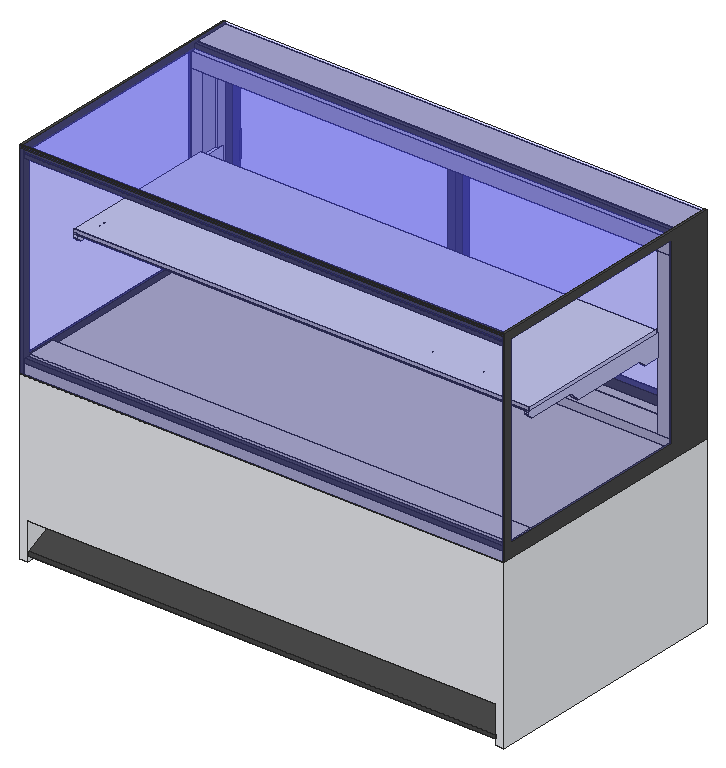
Revit family "Food-Service-Equipment_Oscartek_I3Dp1500-45H_cat", category Specialty Equipment, Revit 2026
Family settings
  Round Connector Dimension = Use Diameter
  Part Type = Normal
  Classification Number = 23.40.40.11
  Work Plane-Based = No
  Enable Cutting in Views = No
  Always vertical = Yes
  Cut with Voids When Loaded = No
  Maintain Annotation Orientation = No
  Shared = No
  Room Calculation Point = No
Parameters
  Width = 31.00"
  Weight in Pounds = 352
  Watts = 900 W
  Volts = 120 V
  URL Cutsheet = "www.oscartek.com"
  URL = "www.oscartek.com"
  Type Mark [instance] = ""
  Type Comments = "As Specified"
  Test Data = "http://www.oscartek.com/company/clients.php"
  Status [instance] = ""
  Specification by User [instance] = ""
  Specification by Manufacturer = ""
  Specification = "https://www.arcat.com/arcatcos/cos48/arc48760.html"
  Serial Number = ""
  Seismic Rating = ""
  Sales Information = "http://www.oscartek.com/company/contact.php"
  SMACNA No = ""
  Revision Code [instance] = ""
  Revision = "R1_2018-10"
  Product Data = "http://www.oscartek.com/support/manuals/"
  Phase = 1
  Omniclass Number and Title = ""
  Number of Poles [instance] = 1
  NAFEM Spec ID Number = ""
  Model = "I3DP1500 45H"
  Min Ckt Ampacity = 0 A
  Max Overcurrent Protection = 0 A
  Masterspec = ""
  Manufacturer Website = "http://www.oscartek.com/index.php"
  Manufacturer Phone - Toll Free = "855-885-2400"
  Manufacturer Phone = "650-342-2400"
  Manufacturer Fax = "650-342-7400"
  Manufacturer Address = "361 Beach Rd., Burlingame, CA 94010"
  Manufacturer = "OSCARTEK"
  Length = 59.00"
  Item Number [instance] = ""
  Installed By [instance] = ""
  Installation-Fabrication = "http://www.oscartek.com/support/manuals/"
  Identify Quantity as Lot [instance] = yes
  Height = 45.26"
  HP = ""
  Green Building-LEED = "https://www.arcat.com/green/green_building.shtml"
  Furnished By [instance] = ""
  Foodservice Equipment Identifier [instance] = yes
  FL Amps = 5.1 A
  Electrical Remarks [instance] = ""
  Electric Connection Type [instance] = ""
  Elec Conn RI Height [instance] = 0.00"
  Elec Conn Connection Height [instance] = 0.00"
  Drawn By = "Sumex Design, Inc. / Robert S. Weygant, CSI, CDT, SCIP"
  Description = "ITALIA 1 DELI/PASTRY SHOWCASES"
  Default Elevation = 0.00"
  Cycle = 60 Hz
  Copyright = "©Arcat Inc."
  Construction Details = "http://www.oscartek.com/support/manuals/"
  Conn Plug = ""
  Conn Conduit = yes
  Category = ""
  CSI MasterFormat = "11 41 33"
  CSI Master Format = "Foodservice Shelving"
  Building Codes = "https://www.arcat.com/arcatcos/cos48/arc48760.html"
  Apparent Power = if(Phase = 3, Volts * FL Amps * 1.73, Volts * FL Amps)  # 612 VA
Reference planes (in)
  plane 1 "BACK": y = 0
  plane 2: z = 0
  plane 3 "LEFT": x = 0
  plane 4 "RIGHT": x = 59
  plane 5 "FRONT": y = -31
  plane 6 "TOP": z = 45.26
  plane 7 "Center Y": x = 29.5
  plane 8 "Center X": y = -15.5
  plane 9: x = 58.01575
  plane 10: x = 0.24906
  plane 11: x = 58.75094
  plane 12: x = 0.98425
  plane 13: x = 57.25488
  plane 14: x = 1.74512
  plane 15: y = -24.91966
Forms (in)
  Extrusion 1, solid, material "QF_Finishes_White"
    sketch origin (24.82414, 0.85039, 0) x (0, 1, 0) y (-1, 0, 0)
      loop
        line (-0.85039, 24.82414) -> (-31.85039, 24.82414) -> (-31.85039, -34.17586) -> (-0.85039, -34.17586) -> (-0.85039, 24.82414)
      loop
        line (-1.04724, 23.89296) -> (-31.65354, 23.89296) -> (-31.65354, -33.1916) -> (-1.04724, -33.1916) -> (-1.04724, 23.89296)
    from 0 to 20.25347
  Extrusion 2, void
    sketch origin (24.82414, -25.6063, -0.59055) x (1, 0, 0) y (0, 0, 1)
      loop
        line (-23.89296, 0.59055) -> (33.1916, 0.59055) -> (33.1916, 5.11811) -> (-23.89296, 5.11811) -> (-23.89296, 0.59055)
    from 0 to 5.3937
  Extrusion 3, solid, material "QF_Finishes_Black"
    sketch origin (0.93118, 1.6491, 0) x (0, 1, 0) y (0, 0, 1)
      loop
        line (-26.45669, 13.62205) -> (-26.45669, 4.00773) -> (-32.58993, 1.14776) -> (-32.58993, 0.63501) -> (-32.11662, 0.63501) -> (-32.11662, 0.66626) -> (-32.55993, 0.66626) -> (-32.55993, 1.12865) -> (-26.45669, 3.97463) -> (-26.45669, 3.60894) -> (-26.06227, 3.60894) -> (-26.06227, 3.64019) -> (-26.42669, 3.64019) -> (-26.42669, 4.33862) -> (-1.98293, 4.33862) -> (-1.98293, 3.66811) -> (-2.31818, 3.66811) -> (-2.31818, 3.60894) -> (-1.84595, 3.60894) -> (-1.84595, 13.62205) -> (-26.45669, 13.62205)
    from 0 to 57.08457
  Extrusion 4, solid, material "QF_Finishes_Polished Steel"
    sketch origin (0.24906, 0, 0) x (0, 1, 0) y (0, 0, 1)
      loop
        line (-29.89562, 22.01653) -> (-29.89562, 21.42598) -> (-30.80315, 21.42598) -> (-30.80315, 13.62205) -> (-0.19685, 13.62205) -> (-0.19685, 20.79606) -> (0, 20.79606) -> (0, 21.42884) -> (-2.20733, 21.42884) -> (-2.20733, 22.44094) -> (-5.26803, 22.44094) -> (-5.26803, 21.42598) -> (-26.5036, 21.42598) -> (-26.5036, 22.01653) -> (-29.89562, 22.01653)
    from 0 to 58.50189
  Extrusion 5, solid, material "QF_Finishes_Black"
    sketch origin (0, 0, -0.59055) x (0, 1, 0) y (0, 0, 1)
      loop
        line (-30.80315, 45.85055) -> (-30.80315, 20.84402) -> (0, 20.84402) -> (0, 45.85055) -> (-30.80315, 45.85055)
      loop
        line (-29.89764, 44.90365) -> (-29.89764, 22.60708) -> (-5.26803, 22.60708) -> (-5.26803, 44.90365) -> (-29.89764, 44.90365)
    from 0.24906 to 0
  Extrusion 6, solid, material "QF_Finishes_Black"
    sketch origin (59, 0, 0) x (0, -1, 0) y (0, 0, 1)
      loop
        line (30.80315, 45.26) -> (0, 45.26) -> (0, 20.25347) -> (30.80315, 20.25347) -> (30.80315, 45.26)
      loop
        line (29.89764, 44.31309) -> (5.26803, 44.31309) -> (5.26803, 22.01653) -> (29.89764, 22.01653) -> (29.89764, 44.31309)
    from 0.24906 to 0
  Extrusion 7, solid, material "Glass"
    sketch origin (0, -31.07874, 0) x (1, 0, 0) y (0, 0, 1)
      loop
        line (0, 45.26) -> (0, 20.25347) -> (59, 20.25347) -> (59, 45.26) -> (0, 45.26)
    from -0.07874 to -0.27559
  Extrusion 8, solid, material "Glass"
    sketch origin (0, 0, 45.26) x (-1, 0, 0) y (0, -1, 0)
      loop
        line (-0.24906, 0) -> (-0.24906, 31) -> (-58.75094, 31) -> (-58.75094, 0) -> (-0.24906, 0)
    from 0 to -0.27559
  Extrusion 9, solid, material "QF_Finishes_Stainless Steel"
    sketch origin (1.23051, 0, -7.88961) x (0, 1, 0) y (0, 0, 1)
      loop
        line (0, 52.87402) -> (-4.30315, 52.87402) -> (-4.30315, 52.2027) -> (-5.26803, 52.2027) -> (-5.26803, 50.32132) -> (-2.20733, 50.32132) -> (-2.20733, 51.40597) -> (0, 51.40597) -> (0, 52.87402)
    from -0.98145 to 57.52044
  Extrusion 10, solid, material "QF_Finishes_Stainless Steel"
    sketch origin (24.85068, 0, 0) x (1, 0, 0) y (0, 0, 1)
      loop
        line (33.90026, 43.51637) -> (32.4042, 43.51637) -> (32.4042, 22.44094) -> (-23.10556, 22.44094) -> (-23.10556, 43.51637) -> (-24.60162, 43.51637) -> (-24.60162, 21.42884) -> (33.90026, 21.42884) -> (33.90026, 43.51637)
    from 0 to 2.20733
  Extrusion 11, solid, material "QF_Finishes_Black"
    sketch origin (24.85068, 0, 0) x (1, 0, 0) y (0, 0, 1)
      loop
        line (32.4042, 43.51637) -> (4.13751, 43.51637) -> (4.13751, 22.44094) -> (32.4042, 22.44094) -> (32.4042, 43.51637)
      loop
        line (5.16113, 23.46457) -> (31.38058, 23.46457) -> (31.38058, 42.49274) -> (5.16113, 42.49274) -> (5.16113, 23.46457)
    from 0 to 0.98425
  Extrusion 12, solid, material "QF_Finishes_Black"
    sketch origin (9.41761, 0, 0) x (1, 0, 0) y (0, 0, 1)
      loop
        line (20.5942, 43.51637) -> (-7.67249, 43.51637) -> (-7.67249, 22.44094) -> (20.5942, 22.44094) -> (20.5942, 43.51637)
      loop
        line (-6.64887, 23.46457) -> (19.57058, 23.46457) -> (19.57058, 42.49274) -> (-6.64887, 42.49274) -> (-6.64887, 23.46457)
    from 0.98425 to 1.9685
  Extrusion 13, solid, material "Glass"
    sketch origin (0, 0, 0) x (0, 1, 0) y (0, 0, 1)
      loop
        line (-29.89562, 44.31309) -> (-29.89562, 22.01653) -> (-5.26803, 22.01653) -> (-5.26803, 44.31309) -> (-29.89562, 44.31309)
    from 0 to 0.24906
  Extrusion 14, solid, material "Glass"
    sketch origin (59, 0, 0) x (0, -1, 0) y (0, 0, 1)
      loop
        line (29.89562, 44.31309) -> (5.26803, 44.31309) -> (5.26803, 21.42598) -> (29.89562, 21.42598) -> (29.89562, 44.31309)
    from 0 to 0.24906
  Extrusion 15, solid, material "Glass"
    sketch origin (0, -31.85039, 0) x (1, 0, 0) y (0, 0, 1)
      loop
        line (0, 44.98441) -> (0, 20.25347) -> (59, 20.25347) -> (59, 44.98441) -> (0, 44.98441)
    from -0.85039 to -1.04724
  Extrusion 16, solid, material "QF_Finishes_Stainless Steel"
    sketch origin (0, 0, -0.40771) x (1, 0, 0) y (0, 0, 1)
      loop
        line (58.75094, 42.83942) -> (57.25488, 42.83942) -> (57.25488, 22.84866) -> (58.75094, 22.84866) -> (58.75094, 42.83942)
      loop
        line (1.74512, 42.83942) -> (0.24906, 42.83942) -> (0.24906, 22.84866) -> (1.74512, 22.84866) -> (1.74512, 42.83942)
    from 1.9685 to 5.26803
  Extrusion 17, solid, material "QF_Finishes_Stainless Steel"
    sketch origin (1.74512, 0, 23.1356) x (0, 0, 1) y (0, -1, 0)
      loop
        line (-0.40517, 3.3117) -> (-0.40517, 2.24677) -> (19.11863, 2.24677) -> (19.11863, 3.3117) -> (19.03974, 3.39059) -> (-0.32628, 3.39059) -> (-0.40517, 3.3117)
      loop
        circle (-0.12907, 2.58203) r 0.07888
      loop
        circle (18.84253, 2.58203) r 0.07888
      loop
        line (16.13287, 2.64119) -> (16.13287, 2.52286) -> (17.00059, 2.52286) -> (17.00059, 2.64119) -> (16.13287, 2.64119)
      loop
        line (15.3243, 2.52286) -> (15.3243, 2.64119) -> (14.45658, 2.64119) -> (14.45658, 2.52286) -> (15.3243, 2.52286)
      loop
        line (13.64802, 2.64119) -> (12.78029, 2.64119) -> (12.78029, 2.52286) -> (13.64802, 2.52286) -> (13.64802, 2.64119)
      loop
        line (11.97173, 2.52286) -> (11.97173, 2.64119) -> (11.10401, 2.64119) -> (11.10401, 2.52286) -> (11.97173, 2.52286)
      loop
        line (10.29545, 2.52286) -> (10.29545, 2.64119) -> (9.42772, 2.64119) -> (9.42772, 2.52286) -> (10.29545, 2.52286)
      loop
        line (8.61916, 2.52286) -> (8.61916, 2.64119) -> (7.75144, 2.64119) -> (7.75144, 2.52286) -> (8.61916, 2.52286)
      loop
        line (6.94288, 2.52286) -> (6.94288, 2.64119) -> (6.07515, 2.64119) -> (6.07515, 2.52286) -> (6.94288, 2.52286)
      loop
        line (5.26659, 2.52286) -> (5.26659, 2.64119) -> (4.39887, 2.64119) -> (4.39887, 2.52286) -> (5.26659, 2.52286)
      loop
        line (2.72258, 2.52286) -> (3.59031, 2.52286) -> (3.59031, 2.64119) -> (2.72258, 2.64119) -> (2.72258, 2.52286)
    from 0 to 0.25
  Extrusion 18, solid, material "QF_Finishes_Stainless Steel"
    sketch origin (57.25488, 0, 42.43171) x (0, 0, -1) y (0, -1, 0)
      loop
        line (19.70128, 3.3117) -> (19.6224, 3.39059) -> (0.25637, 3.39059) -> (0.17749, 3.3117) -> (0.17749, 2.24677) -> (19.70128, 2.24677) -> (19.70128, 3.3117)
      loop
        circle (19.42519, 2.58203) r 0.07888
      loop
        circle (0.45358, 2.58203) r 0.07888
      loop
        line (3.16325, 2.64119) -> (2.29552, 2.64119) -> (2.29552, 2.52286) -> (3.16325, 2.52286) -> (3.16325, 2.64119)
      loop
        line (3.97181, 2.52286) -> (4.83953, 2.52286) -> (4.83953, 2.64119) -> (3.97181, 2.64119) -> (3.97181, 2.52286)
      loop
        line (5.6481, 2.64119) -> (5.6481, 2.52286) -> (6.51582, 2.52286) -> (6.51582, 2.64119) -> (5.6481, 2.64119)
      loop
        line (7.32438, 2.52286) -> (8.1921, 2.52286) -> (8.1921, 2.64119) -> (7.32438, 2.64119) -> (7.32438, 2.52286)
      loop
        line (9.00067, 2.52286) -> (9.86839, 2.52286) -> (9.86839, 2.64119) -> (9.00067, 2.64119) -> (9.00067, 2.52286)
      loop
        line (10.67695, 2.52286) -> (11.54468, 2.52286) -> (11.54468, 2.64119) -> (10.67695, 2.64119) -> (10.67695, 2.52286)
      loop
        line (12.35324, 2.52286) -> (13.22096, 2.52286) -> (13.22096, 2.64119) -> (12.35324, 2.64119) -> (12.35324, 2.52286)
      loop
        line (14.02952, 2.52286) -> (14.89725, 2.52286) -> (14.89725, 2.64119) -> (14.02952, 2.64119) -> (14.02952, 2.52286)
      loop
        line (16.57353, 2.52286) -> (16.57353, 2.64119) -> (15.70581, 2.64119) -> (15.70581, 2.52286) -> (16.57353, 2.52286)
    from 0 to 0.25
  Extrusion 19, solid, material "QF_Finishes_White"
    sketch origin (1.74512, 0, 23.1356) x (0, 0, 1) y (0, -1, 0)
      loop
        line (9.55559, 24.52524) -> (9.55559, 18.60894) -> (8.46502, 17.51837) -> (8.46502, 8.05228) -> (7.66238, 7.24964) -> (7.66238, 2.87048) -> (10.43712, 2.87048) -> (10.43712, 24.91966) -> (9.95001, 24.91966) -> (9.55559, 24.52524)
    from 0 to 0.5
  Extrusion 20, solid, material "QF_Finishes_White"
    sketch origin (57.25488, 0, 42.43171) x (0, 0, -1) y (0, -1, 0)
      loop
        line (9.74052, 24.52524) -> (9.3461, 24.91966) -> (8.85899, 24.91966) -> (8.85899, 2.87048) -> (11.63374, 2.87048) -> (11.63374, 7.24964) -> (10.83109, 8.05228) -> (10.83109, 17.51837) -> (9.74052, 18.60894) -> (9.74052, 24.52524)
    from 0 to 0.5
  Extrusion 21, solid, material "QF_Finishes_White"
    sketch origin (0, 0, 0) x (0, 1, 0) y (0, 0, 1)
      loop
        line (-24.87341, 33.96714) -> (-24.87341, 33.57272) -> (-5.62572, 33.57272) -> (-5.62572, 33.96714) -> (-24.87341, 33.96714)
    from 1.74512 to 57.25488
  Extrusion 22, solid, material "QF_Finishes_Stainless Steel"
    sketch origin (0, 0, 0) x (0, 1, 0) y (0, 0, 1)
      loop
        line (-25.01235, 34.04602) -> (-25.01235, 33.60625)
        arc (-25.01235, 33.60625) -> (-24.9852, 33.5407) -> (-24.91966, 33.51354) r 0.09271
        line (-24.91966, 33.51354) -> (-24.91966, 33.57272)
        arc (-24.91966, 33.57272) -> (-24.94337, 33.58254) -> (-24.95318, 33.60625) r 0.03353
        line (-24.95318, 33.60625) -> (-24.95318, 34.04602) -> (-25.01235, 34.04602)
    from 1.74512 to 57.25488
  Extrusion 23, solid, material "QF_Finishes_Stainless Steel"
    sketch origin (0, 0, 0) x (0, 1, 0) y (0, 0, 1)
      loop
        arc (-21.83582, 33.57272) -> (-21.86411, 33.561) -> (-21.87582, 33.53272) r 0.04
        line (-21.87582, 33.53272) -> (-21.87582, 33.1783)
        arc (-21.87582, 33.1783) -> (-21.84427, 33.14675) -> (-21.81272, 33.1783) r 0.03155
        line (-21.81272, 33.1783) -> (-21.81272, 33.45439) -> (-21.84821, 33.45439) -> (-21.84821, 33.54511) -> (-21.11459, 33.54511) -> (-21.11459, 33.45439) -> (-21.15009, 33.45439) -> (-21.15009, 33.1783)
        arc (-21.15009, 33.1783) -> (-21.11854, 33.14675) -> (-21.08698, 33.1783) r 0.03155
        line (-21.08698, 33.1783) -> (-21.08698, 33.53722)
        arc (-21.08698, 33.53722) -> (-21.09738, 33.56232) -> (-21.12248, 33.57272) r 0.0355
        line (-21.12248, 33.57272) -> (-21.83582, 33.57272)
    from 2.24512 to 56.75488
  Extrusion 24, solid, material "QF_Finishes_Stainless Steel"
    sketch origin (0, 0, 0) x (1, 0, 0) y (0, 0, -1)
      loop
        line (7.37747, -10.9695) -> (7.37747, -11.91053) -> (9.46033, -11.91053) -> (9.46033, -10.9695) -> (7.37747, -10.9695)
      loop
        line (7.23572, -11.91053) -> (7.23572, -11.50104) -> (6.70812, -11.50104) -> (6.70812, -11.91053) -> (7.23572, -11.91053)
      loop
        line (6.70812, -11.39665) -> (7.23572, -11.39665) -> (7.23572, -10.9695) -> (6.70812, -10.9695) -> (6.70812, -11.39665)
      loop
        line (6.62543, -11.91053) -> (6.62543, -11.50104) -> (6.09782, -11.50104) -> (6.09782, -11.91053) -> (6.62543, -11.91053)
      loop
        line (6.09782, -11.39665) -> (6.62543, -11.39665) -> (6.62543, -10.9695) -> (6.09782, -10.9695) -> (6.09782, -11.39665)
      loop
        line (6.01514, -11.91053) -> (6.01514, -11.50104) -> (5.48753, -11.50104) -> (5.48753, -11.91053) -> (6.01514, -11.91053)
      loop
        line (5.48753, -11.39665) -> (6.01514, -11.39665) -> (6.01514, -10.9695) -> (5.48753, -10.9695) -> (5.48753, -11.39665)
      loop
        line (5.40485, -11.91053) -> (5.40485, -11.50104) -> (4.87724, -11.50104) -> (4.87724, -11.91053) -> (5.40485, -11.91053)
      loop
        line (4.87724, -11.39665) -> (5.40485, -11.39665) -> (5.40485, -10.9695) -> (4.87724, -10.9695) -> (4.87724, -11.39665)
    from 0 to 0.06
  Extrusion 25, solid, material "QF_Finishes_Black"
    sketch origin (3.36568, 0, 0) x (1, 0, 0) y (0, 0, -1)
      loop
        line (36.38432, -12.77675) -> (36.38432, -2.04744) -> (35.38432, -2.04744) -> (35.38432, -12.77675) -> (36.38432, -12.77675)
      loop
        line (35.16557, -12.77675) -> (35.16557, -2.04744) -> (34.16557, -2.04744) -> (34.16557, -12.77675) -> (35.16557, -12.77675)
      loop
        line (33.94682, -12.77675) -> (33.94682, -2.04744) -> (32.94682, -2.04744) -> (32.94682, -12.77675) -> (33.94682, -12.77675)
      loop
        line (32.72807, -12.77675) -> (32.72807, -2.04744) -> (31.72807, -2.04744) -> (31.72807, -12.77675) -> (32.72807, -12.77675)
      loop
        line (31.50932, -12.77675) -> (31.50932, -2.04744) -> (30.50932, -2.04744) -> (30.50932, -12.77675) -> (31.50932, -12.77675)
      loop
        line (30.29057, -12.77675) -> (30.29057, -2.04744) -> (29.29057, -2.04744) -> (29.29057, -12.77675) -> (30.29057, -12.77675)
      loop
        line (29.07182, -12.77675) -> (29.07182, -2.04744) -> (28.07182, -2.04744) -> (28.07182, -12.77675) -> (29.07182, -12.77675)
      loop
        line (27.85307, -12.77675) -> (27.85307, -2.04744) -> (26.85307, -2.04744) -> (26.85307, -12.77675) -> (27.85307, -12.77675)
      loop
        line (25.63432, -12.77675) -> (26.63432, -12.77675) -> (26.63432, -2.04744) -> (25.63432, -2.04744) -> (25.63432, -12.77675)
      loop
        line (15.88432, -12.77675) -> (16.88432, -12.77675) -> (16.88432, -2.04744) -> (15.88432, -2.04744) -> (15.88432, -12.77675)
      loop
        line (17.10307, -12.77675) -> (18.10307, -12.77675) -> (18.10307, -2.04744) -> (17.10307, -2.04744) -> (17.10307, -12.77675)
      loop
        line (18.32182, -12.77675) -> (19.32182, -12.77675) -> (19.32182, -2.04744) -> (18.32182, -2.04744) -> (18.32182, -12.77675)
      loop
        line (19.54057, -12.77675) -> (20.54057, -12.77675) -> (20.54057, -2.04744) -> (19.54057, -2.04744) -> (19.54057, -12.77675)
      loop
        line (20.75932, -12.77675) -> (21.75932, -12.77675) -> (21.75932, -2.04744) -> (20.75932, -2.04744) -> (20.75932, -12.77675)
      loop
        line (21.97807, -12.77675) -> (22.97807, -12.77675) -> (22.97807, -2.04744) -> (21.97807, -2.04744) -> (21.97807, -12.77675)
      loop
        line (23.19682, -12.77675) -> (24.19682, -12.77675) -> (24.19682, -2.04744) -> (23.19682, -2.04744) -> (23.19682, -12.77675)
      loop
        line (24.41557, -12.77675) -> (25.41557, -12.77675) -> (25.41557, -2.04744) -> (24.41557, -2.04744) -> (24.41557, -12.77675)
    from 0 to 0.0625
  Extrusion 26, solid, material "QF_Finishes_Black"
    sketch origin (0.24906, -180, 45.26) x (0, 0, -1) y (0, -1, 0)
      loop
        line (0.27559, -149.19685) -> (0.27559, -149.69685) -> (0.77559, -149.69685) -> (0.77559, -149.19685) -> (0.27559, -149.19685)
      loop
        line (0.94691, -149.19685) -> (0.94691, -150.10236) -> (1.44691, -150.10236) -> (1.44691, -149.19685) -> (0.94691, -149.19685)
      loop
        line (0.27559, -175.19685) -> (0.27559, -175.69685) -> (0.77559, -175.69685) -> (0.77559, -175.19685) -> (0.27559, -175.19685)
      loop
        line (23.33402, -149.19685) -> (23.33402, -149.69685) -> (23.83402, -149.69685) -> (23.83402, -149.19685) -> (23.33402, -149.19685)
    from 0 to -58.50189
  Extrusion 27, solid, material "Glass"
    sketch origin (0.24906, -180, 45.26) x (0, 0, -1) y (0, -1, 0)
      loop
        line (0.77559, -149.19685) -> (0.77559, -175.69685) -> (0.94691, -175.69685) -> (0.94691, -149.19685) -> (0.77559, -149.19685)
    from 0 to -58.50189
  Extrusion 28, solid, material "QF_Finishes_Black"
    sketch origin (24.85068, 0, 0) x (-1, 0, 0) y (0, 0, 1)
      loop
        line (-31.38058, 34.74553) -> (-31.88058, 34.74553) -> (-31.88058, 31.439) -> (-31.38058, 31.439) -> (-31.38058, 34.74553)
    from 0 to 0.22
  Extrusion 29, solid, material "QF_Finishes_Black"
    sketch origin (-32.73491, -0.98425, 0) x (-1, 0, 0) y (0, 0, 1)
      loop
        line (-35.00365, 34.74553) -> (-35.50365, 34.74553) -> (-35.50365, 31.439) -> (-35.00365, 31.439) -> (-35.00365, 34.74553)
    from 0 to 0.22
  Extrusion 30, solid, material "Glass"
    sketch origin (24.85068, 0, 0) x (-1, 0, 0) y (0, 0, 1)
      loop
        line (-31.38058, 42.49274) -> (-31.38058, 23.46457) -> (-5.16113, 23.46457) -> (-5.16113, 42.49274) -> (-31.38058, 42.49274)
    from 0 to -0.98425
  Extrusion 31, solid, material "Glass"
    sketch origin (9.41761, -0.98425, 0) x (-1, 0, 0) y (0, 0, 1)
      loop
        line (6.64887, 23.46457) -> (6.64887, 42.49274) -> (-19.57058, 42.49274) -> (-19.57058, 23.46457) -> (6.64887, 23.46457)
    from 0 to -0.98425
Cuts and joins
  Extrusion 2 cuts Extrusion 1
  joined: Extrusion 5, Extrusion 6
Lines and regions (in)
  symbolic lines
    curve 1: line (0, -31, 0) -> (59, -31, 0)
    curve 2: line (0, 0, 0) -> (0, -31, 0)
    curve 3: line (59, 0, 0) -> (0, 0, 0)
    curve 4: line (59, -31, 0) -> (59, 0, 0)
    curve 5: line (1.74512, -29.89764, 0) -> (57.25488, -29.89764, 0)
    curve 6: line (1.74512, -5.43307, 0) -> (1.74512, -29.89764, 0)
    curve 7: line (57.25488, -5.43307, 0) -> (1.74512, -5.43307, 0)
    curve 8: line (57.25488, -29.89764, 0) -> (57.25488, -5.43307, 0)
    curve 9: line (1.74512, -24.91966, 0) -> (57.25488, -24.91966, 0)
  symbolic lines, style "QF_Surface Details"
    curve 10: line (5.69937, -10.51527, 0) -> (8.5278, -7.68684, 0)
    curve 11: line (7.64391, -12.45981, 0) -> (10.47234, -9.63138, 0)
    curve 12: line (5.69937, -12.63659, 0) -> (10.64912, -7.68684, 0)
    curve 13: line (5.69937, -20.58219, 0) -> (8.5278, -17.75377, 0)
    curve 14: line (7.64391, -22.52674, 0) -> (10.47234, -19.69831, 0)
    curve 15: line (5.69937, -22.70351, 0) -> (10.64912, -17.75377, 0)
    curve 16: line (48.40473, -10.51527, 0) -> (51.23315, -7.68684, 0)
    curve 17: line (50.34927, -12.45981, 0) -> (53.1777, -9.63138, 0)
    curve 18: line (48.40473, -12.63659, 0) -> (53.35447, -7.68684, 0)
    curve 19: line (48.40473, -20.58219, 0) -> (51.23315, -17.75377, 0)
    curve 20: line (50.34927, -22.52674, 0) -> (53.1777, -19.69831, 0)
    curve 21: line (48.40473, -22.70351, 0) -> (53.35447, -17.75377, 0)
    curve 22: line (27.02513, -10.51527, 0) -> (29.85355, -7.68684, 0)
    curve 23: line (28.96967, -12.45981, 0) -> (31.7981, -9.63138, 0)
    curve 24: line (27.02513, -12.63659, 0) -> (31.97487, -7.68684, 0)
    curve 25: line (27.02513, -20.58219, 0) -> (29.85355, -17.75377, 0)
    curve 26: line (28.96967, -22.52674, 0) -> (31.7981, -19.69831, 0)
    curve 27: line (27.02513, -22.70351, 0) -> (31.97487, -17.75377, 0)
Dimensions and locks (in)
  equal spacing: plane 3 "LEFT", plane 7 "Center Y", plane 4 "RIGHT"
  "Length": plane 3 "LEFT" to plane 4 "RIGHT"
  equal spacing: plane 5 "FRONT", plane 8 "Center X", plane 1 "BACK"
  "Width": plane 5 "FRONT" to plane 1 "BACK"
  "Height": plane 6 "TOP" to level
  locked: plane 9 to plane 4 "RIGHT" at 0.98425
  locked: plane 4 "RIGHT" to Extrusion 4 at 0.24906
  locked: Extrusion 4 to plane 3 "LEFT" at 0.24906
  plane 6 "TOP" to Extrusion 5 sketch curve = 0.94691"
  locked: plane 6 "TOP" to Extrusion 6 sketch curve at 0.94691
  locked: plane 4 "RIGHT" to nested 1 at 4.77996
  locked: plane 3 "LEFT" to Extrusion 8 sketch curve at 0.24906
  locked: Extrusion 8 sketch curve to plane 4 "RIGHT" at 0.24906
  locked: plane 4 "RIGHT" to plane 11 at 0.24906
  locked: plane 10 to plane 3 "LEFT" at 0.24906
  Extrusion 11 sketch curve to Extrusion 11 sketch curve to plane 6 "TOP" = 1.02362" locked, 1.74363" locked
  plane 4 "RIGHT" to Extrusion 11 sketch curve to Extrusion 11 sketch curve = 1.74512", 1.02362" locked
  level to Extrusion 11 sketch curve to Extrusion 11 sketch curve = 22.44094" locked, 1.02362" locked
  Extrusion 12 sketch curve to Extrusion 12 sketch curve to plane 6 "TOP" = 1.02362" locked, 1.74363" locked
  level to Extrusion 12 sketch curve to Extrusion 12 sketch curve = 22.44094" locked, 1.02362" locked
  plane 3 "LEFT" to Extrusion 12 sketch curve to Extrusion 12 sketch curve = 1.74512" locked, 1.02362" locked
  Extrusion 12 sketch curve to plane 7 "Center Y" to Extrusion 12 sketch curve = 0.51181" locked, 0.51181" locked
  plane 6 "TOP" to Extrusion 9 sketch curve to Extrusion 9 sketch curve to Extrusion 9 sketch curve = 0.27559" locked, 1.46804" locked, 1.08466" locked
  Extrusion 11 sketch curve to plane 7 "Center Y" to Extrusion 11 sketch curve = 0.51181" locked, 0.51181" locked
  locked: plane 6 "TOP" to Extrusion 13 sketch curve at 0.94691
  locked: plane 6 "TOP" to Extrusion 14 sketch curve at 0.94691
  locked: plane 6 "TOP" to Extrusion 15 sketch curve at 0.27559
  locked: Extrusion 15 sketch curve to plane 3 "LEFT"
  locked: Extrusion 15 sketch curve to plane 4 "RIGHT"
  locked: Extrusion 10 sketch curve to plane 6 "TOP" at 1.74363  (x2)
  locked: plane 6 "TOP" to Extrusion 16 sketch curve at 2.82829  (x2)
  plane 2 to Extrusion 10 sketch curve to Extrusion 10 sketch curve = 21.42884" locked, 1.0121" locked
  locked: level to Extrusion 16 sketch curve at 22.44094  (x2)
  locked: plane 12 to plane 3 "LEFT" at 0.98425
  locked: plane 4 "RIGHT" to Extrusion 23 at 2.24512
  locked: Extrusion 23 to plane 3 "LEFT" at 2.24512
  locked: plane 13 to plane 4 "RIGHT" at 1.74512
  locked: plane 14 to plane 3 "LEFT" at 1.74512
  Extrusion 20 sketch curve to Extrusion 20 sketch curve to Extrusion 20 sketch curve to Extrusion 20 sketch curve to level = 0.88153" locked, 1.09057" locked, 0.80264" locked, 30.79797" locked
  Extrusion 19 sketch curve to Extrusion 19 sketch curve to Extrusion 19 sketch curve to Extrusion 19 sketch curve to level = 0.88153" locked, 1.09057" locked, 0.80264" locked, 30.79797" locked
  level to Extrusion 21 sketch curve to Extrusion 21 sketch curve = 33.57272" locked, 0.39442" locked
  level to Extrusion 22 sketch curve to Extrusion 22 sketch curve to Extrusion 22 sketch curve = 33.51354" locked, 0.05918" locked, 0.4733" locked
  level to Extrusion 23 sketch curve to Extrusion 23 sketch curve to Extrusion 23 sketch curve to Extrusion 23 sketch curve to Extrusion 23 sketch curve to Extrusion 23 sketch curve = 33.1783" locked, 0.00" locked, 0.27609" locked, 0.00" locked, 0.09072" locked, 0.02761" locked
  aligned and locked: level to plane 2
  aligned and locked: Extrusion 3 to plane 9
  aligned and locked: Extrusion 5 sketch curve to plane 6 "TOP"
  aligned and locked: Extrusion 6 sketch curve to plane 6 "TOP"
  aligned and locked: nested 2 to nested 1
  aligned and locked: plane 10 to Extrusion 9
  aligned and locked: plane 11 to Extrusion 9
  aligned and locked: Extrusion 22 to plane 13
  aligned and locked: Extrusion 21 to plane 13
  aligned and locked: Extrusion 22 to plane 14
  aligned and locked: Extrusion 21 to plane 14
  aligned and locked: plane 3 "LEFT" to Extrusion 7 sketch curve
  aligned and locked: plane 4 "RIGHT" to Extrusion 7 sketch curve
  aligned and locked: plane 11 to Extrusion 26
  aligned and locked: plane 11 to Extrusion 27
Automatic sketch dimensions
  Extrusion 3 sketch curve to plane 5 "FRONT" = 0.05917"
  Extrusion 3 sketch curve to Extrusion 3 sketch curve = 0.03"  (x2)
  Extrusion 3 sketch curve to Extrusion 3 sketch curve = 0.4433"
  Extrusion 3 sketch curve to plane 15 = 0.11206"
  Extrusion 3 sketch curve to Extrusion 3 sketch curve = 0.00"
  Extrusion 3 sketch curve to Extrusion 3 sketch curve = 0.36442"
  plane 1 "BACK" to Extrusion 3 sketch curve = 0.66909"
  plane 1 "BACK" to Extrusion 3 sketch curve = 0.33383"
  plane 1 "BACK" to Extrusion 3 sketch curve = 0.19685"
  level to Extrusion 3 sketch curve = 0.63501"
  Extrusion 3 sketch curve to Extrusion 3 sketch curve = 0.03125"  (x2)
  Extrusion 3 sketch curve to Extrusion 3 sketch curve = 0.46238"
  Extrusion 3 sketch curve to Extrusion 3 sketch curve = 0.01911"
  level to Extrusion 3 sketch curve = 3.60894"  (x2)
  Extrusion 3 sketch curve to Extrusion 3 sketch curve = 0.05916"
  Extrusion 3 sketch curve to Extrusion 3 sketch curve = 0.33444"
  Extrusion 3 sketch curve to Extrusion 3 sketch curve = 0.0331"
  Extrusion 3 sketch curve to Extrusion 3 sketch curve = 0.33089"
  Extrusion 3 sketch curve to Extrusion 3 sketch curve = 9.28343"
  Extrusion 4 sketch curve to plane 1 "BACK" = 0.00"
  plane 1 "BACK" to Extrusion 4 sketch curve = 0.19685"
  plane 1 "BACK" to Extrusion 4 sketch curve = 2.20733"
  Extrusion 4 sketch curve to Extrusion 4 sketch curve = 3.0607"
  plane 15 to Extrusion 4 sketch curve = 1.58394"
  Extrusion 4 sketch curve to plane 5 "FRONT" = 1.10438"
  Extrusion 4 sketch curve to plane 5 "FRONT" = 0.19685"
  level to Extrusion 4 sketch curve = 13.62205"
  Extrusion 4 sketch curve to Extrusion 4 sketch curve = 7.17401"
  Extrusion 4 sketch curve to Extrusion 4 sketch curve = 7.80393"
  Extrusion 4 sketch curve to Extrusion 4 sketch curve = 0.62992"
  Extrusion 4 sketch curve to Extrusion 4 sketch curve = 0.63279"
  Extrusion 4 sketch curve to Extrusion 4 sketch curve = 0.59055"
  Extrusion 4 sketch curve to Extrusion 4 sketch curve = 1.0121"
  Extrusion 5 sketch curve to plane 1 "BACK" = 0.00"
  plane 1 "BACK" to Extrusion 5 sketch curve = 5.26803"
  Extrusion 5 sketch curve to plane 5 "FRONT" = 1.10236"
  Extrusion 5 sketch curve to plane 5 "FRONT" = 0.19685"
  level to Extrusion 5 sketch curve = 22.01653"
  Extrusion 5 sketch curve to Extrusion 5 sketch curve = 1.76306"
  Extrusion 6 sketch curve to plane 1 "BACK" = 0.00"
  plane 1 "BACK" to Extrusion 6 sketch curve = 5.26803"
  Extrusion 6 sketch curve to plane 5 "FRONT" = 1.10236"
  Extrusion 6 sketch curve to plane 5 "FRONT" = 0.19685"
  level to Extrusion 6 sketch curve = 22.01653"
  Extrusion 6 sketch curve to Extrusion 6 sketch curve = 1.76306"
  Extrusion 7 sketch curve to plane 6 "TOP" = 0.00"
  level to Extrusion 7 sketch curve = 20.25347"
  plane 1 "BACK" to Extrusion 8 sketch curve = 0.00"
  plane 5 "FRONT" to Extrusion 8 sketch curve = 0.00"
  Extrusion 9 sketch curve to plane 1 "BACK" = 0.00"
  plane 1 "BACK" to Extrusion 9 sketch curve = 2.20733"
  Extrusion 9 sketch curve to Extrusion 9 sketch curve = 2.09582"
  Extrusion 9 sketch curve to Extrusion 9 sketch curve = 0.96488"
  Extrusion 9 sketch curve to Extrusion 9 sketch curve = 0.67132"
  Extrusion 13 sketch curve to plane 5 "FRONT" = 1.10438"
  plane 1 "BACK" to Extrusion 13 sketch curve = 5.26803"
  level to Extrusion 13 sketch curve = 22.01653"
  plane 1 "BACK" to Extrusion 14 sketch curve = 5.26803"
  Extrusion 14 sketch curve to plane 5 "FRONT" = 1.10438"
  level to Extrusion 14 sketch curve = 21.42598"
  level to Extrusion 15 sketch curve = 20.25347"
  Extrusion 21 sketch curve to plane 15 = 0.04624"
  plane 1 "BACK" to Extrusion 21 sketch curve = 5.62572"
  Extrusion 22 sketch curve to plane 15 = 0.00"
  plane 15 to Extrusion 22 sketch curve = 0.03353"
  Extrusion 22 sketch curve to Extrusion 22 sketch curve = 0.05916"
  Extrusion 22 sketch curve to Extrusion 22 sketch curve = 0.00002"
  Extrusion 23 sketch curve to plane 15 = 3.04384"
  Extrusion 23 sketch curve to Extrusion 23 sketch curve = 0.02761"  (x2)
  Extrusion 23 sketch curve to Extrusion 23 sketch curve = 0.03155"  (x2)
  Extrusion 23 sketch curve to Extrusion 23 sketch curve = 0.01239"
  Extrusion 23 sketch curve to Extrusion 23 sketch curve = 0.66263"
  Extrusion 23 sketch curve to Extrusion 23 sketch curve = 0.0355"
  Extrusion 26 sketch curve to plane 6 "TOP" = 0.27559"  (x2)
  Extrusion 26 sketch curve to Extrusion 26 sketch curve = 0.50"  (x7)
  Extrusion 26 sketch curve to plane 5 "FRONT" = 0.19685"  (x3)
  Extrusion 26 sketch curve to Extrusion 26 sketch curve = 0.17132"
  Extrusion 26 sketch curve to Extrusion 26 sketch curve = 21.88712"
  Extrusion 26 sketch curve to Extrusion 26 sketch curve = 0.40551"
  plane 1 "BACK" to Extrusion 26 sketch curve = 4.80315"
  Extrusion 27 sketch curve to plane 6 "TOP" = 0.77559"
  Extrusion 27 sketch curve to Extrusion 27 sketch curve = 0.17132"
  plane 1 "BACK" to Extrusion 27 sketch curve = 4.30315"
  Extrusion 27 sketch curve to plane 5 "FRONT" = 0.19685"
  Extrusion 12 to Extrusion 29 sketch curve = 27.74307"
  Extrusion 29 sketch curve to Extrusion 29 sketch curve = 0.50"
  Extrusion 29 sketch curve to Extrusion 12 = 7.97443"
  Extrusion 29 sketch curve to Extrusion 29 sketch curve = 3.30653"
  plane 1 "BACK" to curve 3 = 0.00"
  curve 3 to plane 3 "LEFT" = 0.00"
  curve 9 to plane 14 = 0.00"
  curve 9 to plane 13 = 0.00"
  curve 4 to plane 4 "RIGHT" = 0.00"
  plane 5 "FRONT" to curve 1 = 0.00"
  plane 15 to curve 9 = 0.00"
  plane 14 to curve 15 = 3.95425"
  curve 13 to curve 15 = 0.00"
  plane 14 to curve 12 = 3.95425"
  curve 10 to curve 12 = 0.00"  (x2)
  curve 14 to plane 15 = 2.39292"
  curve 15 to curve 14 = 1.94454"
  curve 12 to curve 11 = 1.94454"
  curve 10 to curve 10 = 2.82843"
  curve 13 to plane 8 "Center X" = 2.25377"
  curve 13 to curve 13 = 2.82843"
  curve 14 to plane 8 "Center X" = 4.19831"
  curve 13 to curve 14 = 1.94454"
  curve 10 to curve 11 = 1.94454"
  curve 15 to plane 8 "Center X" = 2.25377"
  curve 14 to curve 15 = 0.17678"
  curve 11 to curve 12 = 0.17678"
  curve 24 to plane 7 "Center Y" = 2.47487"
  curve 27 to plane 7 "Center Y" = 2.47487"
  curve 22 to curve 24 = 0.00"
  curve 25 to curve 27 = 0.00"
  curve 23 to plane 7 "Center Y" = 0.53033"
  curve 26 to plane 7 "Center Y" = 0.53033"
  plane 7 "Center Y" to curve 22 = 0.35355"
  plane 7 "Center Y" to curve 25 = 0.35355"
  plane 7 "Center Y" to curve 26 = 2.2981"
  plane 7 "Center Y" to curve 23 = 2.2981"
  curve 23 to curve 24 = 0.17678"
  curve 26 to curve 27 = 0.17678"
  plane 13 to curve 16 = 8.85016"
  plane 8 "Center X" to curve 18 = 2.86341"
  curve 18 to curve 16 = 0.00"
  curve 21 to plane 15 = 2.21614"
  plane 13 to curve 21 = 8.85016"
  curve 19 to plane 15 = 4.33746"
  curve 19 to curve 21 = 0.00"
  curve 20 to plane 15 = 2.39292"
  curve 21 to curve 20 = 1.94454"
  plane 8 "Center X" to curve 17 = 3.04019"
  curve 18 to curve 17 = 1.94454"
  curve 16 to curve 16 = 2.82843"
  curve 19 to plane 8 "Center X" = 2.25377"
  curve 19 to curve 19 = 2.82843"
  curve 16 to curve 17 = 1.94454"
  curve 19 to curve 20 = 1.94454"
  curve 20 to curve 21 = 0.17678"
  curve 17 to curve 18 = 0.17678"
  curve 5 to plane 5 "FRONT" = 1.10236"
  curve 27 to plane 15 = 2.21614"
  curve 15 to curve 14 = 0.17678"
  curve 27 to curve 26 = 0.17678"
  curve 27 to curve 25 = 2.12132"
  curve 15 to curve 13 = 2.12132"
  curve 26 to curve 26 = 2.82843"
  curve 20 to curve 19 = 1.94454"
  curve 25 to plane 8 "Center X" = 2.25377"
  curve 20 to curve 21 = 1.94454"
  curve 26 to curve 27 = 1.94454"
  plane 8 "Center X" to curve 12 = 2.86341"
  plane 8 "Center X" to curve 24 = 2.86341"
  curve 24 to curve 23 = 0.17678"
  curve 12 to curve 11 = 0.17678"
  curve 18 to curve 16 = 2.12132"
  curve 12 to curve 10 = 2.12132"
  curve 24 to curve 22 = 2.12132"
  curve 17 to curve 17 = 2.82843"
  curve 23 to curve 23 = 2.82843"
  curve 11 to curve 11 = 2.82843"
  curve 11 to curve 12 = 1.94454"
  curve 17 to curve 16 = 1.94454"
  curve 23 to curve 22 = 1.94454"
  curve 17 to curve 18 = 1.94454"
  curve 23 to curve 24 = 1.94454"
  curve 18 to curve 7 = 2.25377"
  Extrusion 1 sketch curve to plane 4 "RIGHT" = 0.00"
  plane 5 "FRONT" to Extrusion 1 sketch curve = 0.00"
  Extrusion 1 sketch curve to plane 9 = 0.00"
  plane 1 "BACK" to Extrusion 1 sketch curve = 0.00"
  Extrusion 1 sketch curve to plane 3 "LEFT" = 0.00"
  Extrusion 1 sketch curve to plane 12 = 0.05307"
  Extrusion 1 sketch curve to plane 5 "FRONT" = 0.19685"
  plane 1 "BACK" to Extrusion 1 sketch curve = 0.19685"
  Extrusion 2 sketch curve to level = 0.00"
  plane 9 to Extrusion 2 sketch curve = 0.00"
  Extrusion 2 sketch curve to plane 12 = 0.05307"
  level to Extrusion 2 sketch curve = 4.52756"
  plane 10 to Extrusion 10 sketch curve = 0.00"
  Extrusion 10 sketch curve to plane 14 = 0.00"
  plane 13 to Extrusion 10 sketch curve = 0.00"
  Extrusion 10 sketch curve to plane 11 = 0.00"
  plane 10 to Extrusion 16 sketch curve = 0.00"
  Extrusion 16 sketch curve to plane 14 = 0.00"
  plane 13 to Extrusion 16 sketch curve = 0.00"
  Extrusion 16 sketch curve to plane 11 = 0.00"
  Extrusion 16 to Extrusion 17 sketch curve = 0.28948"
  Extrusion 17 sketch curve to Extrusion 17 sketch curve = 0.07888"  (x2)
  Extrusion 17 sketch curve to Extrusion 17 sketch curve = 0.27609"
  Extrusion 16 to Extrusion 17 sketch curve = 0.55436"  (x9)
  Extrusion 17 sketch curve to Extrusion 17 sketch curve = 2.85166"
  Extrusion 17 sketch curve to Extrusion 17 sketch curve = 0.86772"  (x9)
  Extrusion 17 sketch curve to Extrusion 17 sketch curve = 0.80856"  (x8)
  Extrusion 17 sketch curve to Extrusion 16 = 0.45358"
  Extrusion 17 sketch curve to Extrusion 16 = 0.25637"
  Extrusion 17 sketch curve to Extrusion 16 = 0.17749"
  Extrusion 16 to Extrusion 17 sketch curve = 0.27827"
  Extrusion 17 sketch curve to Extrusion 17 sketch curve = 0.33526"  (x2)
  Extrusion 17 sketch curve to Extrusion 17 sketch curve = 0.11833"  (x9)
  Extrusion 17 sketch curve to Extrusion 17 sketch curve = 0.72968"  (x2)
  Extrusion 18 sketch curve to Extrusion 16 = 0.17749"
  Extrusion 18 sketch curve to Extrusion 18 sketch curve = 0.07888"  (x2)
  Extrusion 18 sketch curve to Extrusion 18 sketch curve = 0.27609"
  Extrusion 16 to Extrusion 18 sketch curve = 0.67269"  (x7)
  Extrusion 18 sketch curve to Extrusion 18 sketch curve = 1.84194"
  Extrusion 18 sketch curve to Extrusion 18 sketch curve = 0.86772"  (x9)
  Extrusion 18 sketch curve to Extrusion 18 sketch curve = 0.80856"  (x8)
  Extrusion 18 sketch curve to Extrusion 16 = 0.56558"
  Extrusion 18 sketch curve to Extrusion 16 = 0.36837"
  Extrusion 18 sketch curve to Extrusion 16 = 0.28948"
  Extrusion 16 to Extrusion 18 sketch curve = 0.61352"  (x2)
  Extrusion 16 to Extrusion 18 sketch curve = 0.55436"  (x2)
  Extrusion 18 sketch curve to Extrusion 18 sketch curve = 0.11833"  (x9)
  Extrusion 16 to Extrusion 18 sketch curve = 0.27827"
  Extrusion 18 sketch curve to Extrusion 18 sketch curve = 0.72968"  (x2)
  Extrusion 19 sketch curve to Extrusion 19 sketch curve = 0.48711"
  Extrusion 16 to Extrusion 19 sketch curve = 0.90198"
  Extrusion 19 sketch curve to Extrusion 16 = 1.98161"
  Extrusion 19 sketch curve to Extrusion 19 sketch curve = 0.80264"
  Extrusion 19 sketch curve to Extrusion 19 sketch curve = 9.46608"
  Extrusion 19 sketch curve to Extrusion 19 sketch curve = 1.09057"
  Extrusion 19 sketch curve to Extrusion 19 sketch curve = 5.9163"
  Extrusion 19 sketch curve to Extrusion 19 sketch curve = 0.39442"
  Extrusion 20 sketch curve to Extrusion 20 sketch curve = 0.48711"
  Extrusion 16 to Extrusion 20 sketch curve = 0.90198"
  Extrusion 20 sketch curve to Extrusion 16 = 1.98161"
  Extrusion 20 sketch curve to Extrusion 20 sketch curve = 0.80264"
  Extrusion 20 sketch curve to Extrusion 20 sketch curve = 9.46608"
  Extrusion 20 sketch curve to Extrusion 20 sketch curve = 1.09057"
  Extrusion 20 sketch curve to Extrusion 20 sketch curve = 5.9163"
  Extrusion 20 sketch curve to Extrusion 20 sketch curve = 0.39442"
  Extrusion 24 sketch curve to Extrusion 1 = 4.87724"
  Extrusion 24 sketch curve to Extrusion 24 sketch curve = 0.00"  (x11)
  Extrusion 24 sketch curve to Extrusion 24 sketch curve = 0.52761"  (x5)
  Extrusion 24 sketch curve to Extrusion 24 sketch curve = 0.08268"  (x6)
  Extrusion 24 sketch curve to Extrusion 24 sketch curve = 0.14174"
  Extrusion 24 sketch curve to Extrusion 24 sketch curve = 2.08287"
  Extrusion 1 to Extrusion 24 sketch curve = 8.34294"
  Extrusion 24 sketch curve to Extrusion 24 sketch curve = 0.40949"  (x2)
  Extrusion 24 sketch curve to Extrusion 24 sketch curve = 0.10439"  (x3)
  Extrusion 24 sketch curve to Extrusion 24 sketch curve = 0.42716"  (x4)
  Extrusion 24 sketch curve to Extrusion 24 sketch curve = 0.94103"
  Extrusion 1 to Extrusion 25 sketch curve = 2.04744"  (x2)
  Extrusion 25 sketch curve to Extrusion 1 = 19.25"
  Extrusion 25 sketch curve to Extrusion 25 sketch curve = 1.00"  (x17)
  Extrusion 25 sketch curve to Extrusion 25 sketch curve = 0.21875"  (x16)
  Extrusion 25 sketch curve to Extrusion 25 sketch curve = 0.00"  (x30)
  Extrusion 1 to Extrusion 25 sketch curve = 7.47672"  (x2)
  Extrusion 11 to Extrusion 28 sketch curve = 0.00"
  Extrusion 28 sketch curve to Extrusion 11 = 0.50"
  Extrusion 11 to Extrusion 28 sketch curve = 7.97443"
  Extrusion 28 sketch curve to Extrusion 28 sketch curve = 3.30653"
  Extrusion 30 sketch curve to Extrusion 11 = 0.00"  (x4)
  Extrusion 31 sketch curve to Extrusion 12 = 0.00"  (x4)
  radius of Extrusion 17 sketch curve = 0.07888"  (x2)
  radius of Extrusion 18 sketch curve = 0.07888"  (x2)
Nested families (in)
  nested 1: "OSCARTEK_CASTERS" at (54.22004, -22.04666, 0), type "OSCARTEK_CASTERS"
    with Type Mark "", Status "", Specification by User "", Revision Code "", Lock no, Item Number "", Installed By "", Identify Quantity as Lot yes, Furnished By "", Foodservice Equipment Identifier yes
  nested 2: "OSCARTEK_CASTERS" at (54.22004, -3.03561, 0), type "OSCARTEK_CASTERS"
    with Type Mark "", Status "", Specification by User "", Revision Code "", Lock no, Item Number "", Installed By "", Identify Quantity as Lot yes, Furnished By "", Foodservice Equipment Identifier yes
  nested 3: "OSCARTEK_CASTERS" at (4.77996, -22.04666, 0), type "OSCARTEK_CASTERS"
    with Type Mark "", Status "", Specification by User "", Revision Code "", Lock no, Item Number "", Installed By "", Identify Quantity as Lot yes, Furnished By "", Foodservice Equipment Identifier yes
  nested 4: "OSCARTEK_CASTERS" at (4.77996, -3.03561, 0), type "OSCARTEK_CASTERS"
    with Type Mark "", Status "", Specification by User "", Revision Code "", Lock no, Item Number "", Installed By "", Identify Quantity as Lot yes, Furnished By "", Foodservice Equipment Identifier yes
Connectors (in)
  electrical at (29.47346, -12.55571, 4.33862), driven by "Volts", driven by "Watts"
    settings: on Extrusion 3, index 1, voltage 120 V, apparent load 900 VA, apparent load phase1 0 VA, apparent load phase2 0 VA, apparent load phase3 0 VA, power factor 1, load classification "Other", number of poles 1, system type 30, power factor state 1, is connector primary yes, connector utility no, sub classification motor no, connector description "ELECTRICAL CONNECTION"
Definition of nested family "OSCARTEK_CASTERS"
  Parameters
    Weight = ""
    URL Manufacturer = ""
    URL Cutsheet = ""
    URL = ""
    Type Mark [instance] = ""
    Status [instance] = ""
    Specification by User [instance] = ""
    Specification by Manufacturer = ""
    Serial Number = ""
    Seismic Rating = ""
    SMACNA No = ""
    Revision Code [instance] = ""
    Omniclass Number and Title = ""
    NAFEM Spec ID Number = ""
    Model = ""
    MasterSpec. = ""
    Manufacturer = ""
    Lock [instance] = yes
    Item Number [instance] = ""
    Installed By [instance] = ""
    Identify Quantity as Lot [instance] = yes
    Furnished By [instance] = ""
    Foodservice Equipment Identifier [instance] = yes
    Description = ""
    Default Elevation = 0.00"
    CSI MasterFormat = ""
    CSI Master Format = ""
    Assembly Code = ""
  Reference planes (in)
    plane 1: z = 0
    plane 2 "RIGHT": x = 0
    plane 3 "FRONT": y = 0
    plane 4 "TOP": z = 4.34
  Forms (in)
    Revolve 1, solid
      sketch origin (-1.93794, 0.83816, -1.0041) x (1, 0, 0) y (0, 0, 1)
        loop
          line (0.74055, 2.6291) -> (0.74055, 2.5536) -> (0.79055, 2.5036) -> (0.85055, 2.5036) -> (0.85055, 2.38352) -> (1.235, 2.38352) -> (1.235, 2.19118) -> (1.37557, 2.11002) -> (1.4003, 1.95722) -> (1.34375, 1.95722) -> (1.34375, 1.72285) -> (1.375, 1.72285) -> (1.375, 1.0041) -> (2.48438, 1.0041) -> (2.48438, 1.72285) -> (2.51563, 1.72285) -> (2.51563, 1.95722) -> (2.45908, 1.95722) -> (2.48438, 2.11353) -> (2.62438, 2.19436) -> (2.62438, 2.38352) -> (3.04007, 2.38352) -> (3.04007, 2.5036) -> (3.10007, 2.5036) -> (3.15007, 2.5536) -> (3.15007, 2.6291) -> (0.74055, 2.6291)
        axis (0.74055, 2.6291) -> (3.15007, 2.6291)
      angle from 0 to 360
    Extrusion 2, solid
      sketch origin (-1.93794, 1.80294, -1.5041) x (0, 1, 0) y (0, 0, 1)
        loop
          line (-3.08794, 5.33423) -> (-3.08794, 5.00584) -> (-2.69466, 5.00584)
          arc (-2.69466, 5.00584) -> (-1.57175, 4.94895) -> (-0.46376, 4.75787) r 9.36411
          arc (-0.46376, 4.75787) -> (-0.05889, 4.58436) -> (0.28335, 4.30705) r 1.60049
          line (0.28335, 4.30705) -> (0.34449, 4.39437)
          arc (0.34449, 4.39437) -> (0.12713, 4.6163) -> (-0.1239, 4.79931) r 1.8753
          line (-0.1239, 4.79931) -> (-0.05749, 4.91421)
          arc (-0.05749, 4.91421) -> (-0.33807, 5.05694) -> (-0.64294, 5.13542) r 1.44292
          line (-0.64294, 5.13542) -> (-0.64294, 5.33423) -> (-3.08794, 5.33423)
      from 1.1267 to 2.74918
    Revolve 3, solid
      sketch origin (0, 2.15543, -2) x (0, 1, 0) y (0, 0, 1)
        loop
          line (-2.21793, 6.34) -> (-2.21793, 5.83014) -> (-1.05793, 5.83014) -> (-1.05793, 6.34) -> (-2.21793, 6.34)
        axis (-2.21793, 5.83014) -> (-2.21793, 6.34)
      angle from 0 to 360
    Extrusion 4, solid
      sketch origin (-1.93794, 1.80294, -1.5041) x (0, 1, 0) y (0, 0, 1)
        loop
          line (-3.08794, 5.33423) -> (-3.08794, 5.00584) -> (-2.8913, 5.00584)
          arc (-2.8913, 5.00584) -> (-2.09118, 4.14057) -> (-1.45681, 3.14736) r 6.63355
          arc (-1.45681, 3.14736) -> (-0.85703, 2.75969) -> (-0.4561, 3.35069) r 0.5107
          arc (-0.4561, 3.35069) -> (-0.27092, 3.92503) -> (0.24034, 4.24562) r 0.88136
          line (0.24034, 4.24562) -> (0.34449, 4.39437)
          arc (0.34449, 4.39437) -> (0.12713, 4.6163) -> (-0.1239, 4.79931) r 1.8753
          line (-0.1239, 4.79931) -> (-0.05749, 4.91421)
          arc (-0.05749, 4.91421) -> (-0.33807, 5.05694) -> (-0.64294, 5.13542) r 1.44292
          line (-0.64294, 5.13542) -> (-0.64294, 5.33423) -> (-3.08794, 5.33423)
      from 2.74918 to 2.90825
    Extrusion 5, solid
      sketch origin (1.93794, 1.80294, -1.5041) x (0, 1, 0) y (0, 0, -1)
        loop
          line (-3.08794, -5.33423) -> (-0.64294, -5.33423) -> (-0.64294, -5.13542)
          arc (-0.64294, -5.13542) -> (-0.33807, -5.05694) -> (-0.05749, -4.91421) r 1.44292
          line (-0.05749, -4.91421) -> (-0.1239, -4.79931)
          arc (-0.1239, -4.79931) -> (0.12713, -4.6163) -> (0.34449, -4.39437) r 1.8753
          line (0.34449, -4.39437) -> (0.24034, -4.24562)
          arc (0.24034, -4.24562) -> (-0.27092, -3.92503) -> (-0.4561, -3.35069) r 0.88136
          arc (-0.4561, -3.35069) -> (-0.85703, -2.75969) -> (-1.45681, -3.14736) r 0.5107
          arc (-1.45681, -3.14736) -> (-2.09118, -4.14057) -> (-2.8913, -5.00584) r 6.63355
          line (-2.8913, -5.00584) -> (-3.08794, -5.00584) -> (-3.08794, -5.33423)
      from 2.74918 to 2.90825
    Extrusion 6, solid, visible <- "Lock"
      sketch origin (1.01562, 1.86044, -0.79898) x (0, 1, 0) y (0, 0, 1)
        loop
          line (-2.58496, 2.03961) -> (-2.48146, 1.86034)
          arc (-2.48146, 1.86034) -> (-2.2914, 1.71451) -> (-2.05389, 1.74578) r 0.313
          line (-2.05389, 1.74578) -> (-1.65224, 1.97767)
          arc (-1.65224, 1.97767) -> (-1.57675, 2.00894) -> (-1.49574, 2.01961) r 0.313
          line (-1.49574, 2.01961) -> (-0.75504, 2.01961)
          arc (-0.75504, 2.01961) -> (-0.50047, 2.10967) -> (-0.33862, 2.32583) r 0.46592
          arc (-0.33862, 2.32583) -> (-0.3435, 2.357) -> (-0.36609, 2.37904) r 0.05
          arc (-0.36609, 2.37904) -> (-0.62217, 2.51108) -> (-0.52795, 2.78336) r 0.22
          line (-0.52795, 2.78336) -> (0.14284, 3.17074)
          arc (0.14284, 3.17074) -> (0.24081, 3.14321) -> (0.21087, 3.04595) r 0.07109
          line (0.21087, 3.04595) -> (0.3415, 2.91533)
          arc (0.3415, 2.91533) -> (0.46473, 3.10362) -> (0.42979, 3.32592) r 0.313
          line (0.42979, 3.32592) -> (0.23309, 3.66661) -> (-0.54633, 3.21661)
          arc (-0.54633, 3.21661) -> (-0.67098, 3.20163) -> (-0.79652, 3.20306) r 0.9589
          arc (-0.79652, 3.20306) -> (-1.13602, 3.13035) -> (-1.38688, 2.89031) r 0.63657
          arc (-1.38688, 2.89031) -> (-1.45411, 2.76529) -> (-1.53273, 2.64711) r 1.51617
          line (-1.53273, 2.64711) -> (-1.89213, 2.43961) -> (-2.58496, 2.03961)
      from 0 to 0.0625
    Extrusion 7, solid, visible <- "Lock"
      sketch origin (1.01562, 1.86044, -0.79898) x (0, 1, 0) y (0, 0, 1)
        loop
          arc (-0.45692, 2.6604) -> (-0.48136, 2.54745) -> (-0.36656, 2.53415) r 0.078
          line (-0.36656, 2.53415) -> (0.3415, 2.91533)
          arc (0.3415, 2.91533) -> (0.44304, 3.03852) -> (0.47061, 3.19578) r 0.313
          line (0.47061, 3.19578) -> (-0.45692, 2.6604)
      from 0 to 0.5
    Extrusion 8, solid, visible <- "Lock"
      sketch origin (-1.01562, 1.86044, -0.79898) x (0, 1, 0) y (0, 0, -1)
        loop
          line (-2.58496, -2.03961) -> (-1.89213, -2.43961) -> (-1.53273, -2.64711)
          arc (-1.53273, -2.64711) -> (-1.45411, -2.76529) -> (-1.38688, -2.89031) r 1.51617
          arc (-1.38688, -2.89031) -> (-1.13602, -3.13035) -> (-0.79652, -3.20306) r 0.63657
          arc (-0.79652, -3.20306) -> (-0.67098, -3.20163) -> (-0.54633, -3.21661) r 0.9589
          line (-0.54633, -3.21661) -> (0.23309, -3.66661) -> (0.42979, -3.32592)
          arc (0.42979, -3.32592) -> (0.46473, -3.10362) -> (0.3415, -2.91533) r 0.313
          line (0.3415, -2.91533) -> (0.21087, -3.04595)
          arc (0.21087, -3.04595) -> (0.24081, -3.14321) -> (0.14284, -3.17074) r 0.07109
          line (0.14284, -3.17074) -> (-0.52795, -2.78336)
          arc (-0.52795, -2.78336) -> (-0.62217, -2.51108) -> (-0.36609, -2.37904) r 0.22
          arc (-0.36609, -2.37904) -> (-0.3435, -2.357) -> (-0.33862, -2.32583) r 0.05
          arc (-0.33862, -2.32583) -> (-0.50047, -2.10967) -> (-0.75504, -2.01961) r 0.46592
          line (-0.75504, -2.01961) -> (-1.49574, -2.01961)
          arc (-1.49574, -2.01961) -> (-1.57675, -2.00894) -> (-1.65224, -1.97767) r 0.313
          line (-1.65224, -1.97767) -> (-2.05389, -1.74578)
          arc (-2.05389, -1.74578) -> (-2.2914, -1.71451) -> (-2.48146, -1.86034) r 0.313
          line (-2.48146, -1.86034) -> (-2.58496, -2.03961)
      from 0 to 0.0625
    Extrusion 9, solid, visible <- "Lock"
      sketch origin (-1.01562, 1.86044, -0.79898) x (0, 1, 0) y (0, 0, -1)
        loop
          line (-0.45692, -2.6604) -> (0.47061, -3.19578)
          arc (0.47061, -3.19578) -> (0.44304, -3.03852) -> (0.3415, -2.91533) r 0.313
          line (0.3415, -2.91533) -> (-0.36656, -2.53415)
          arc (-0.36656, -2.53415) -> (-0.48136, -2.54745) -> (-0.45692, -2.6604) r 0.078
      from 0 to 0.5
  Cuts and joins
    joined: Extrusion 2, Extrusion 4, Extrusion 5
  Lines and regions (in)
    symbolic lines
      curve 1: line (0.28481, 1.83041, 0) -> (1.24556, 1.27572, 0)
      curve 2: line (-1.26206, -0.84886, 0) -> (0.28481, 1.83041, 0)
      curve 3: line (-0.30132, -1.40355, 0) -> (-1.26206, -0.84886, 0)
      curve 4: line (1.24556, 1.27572, 0) -> (-0.30132, -1.40355, 0)
  Dimensions and locks (in)
    plane 4 "TOP" to level = 4.34"  (x2)
    aligned and locked: level to plane 1
